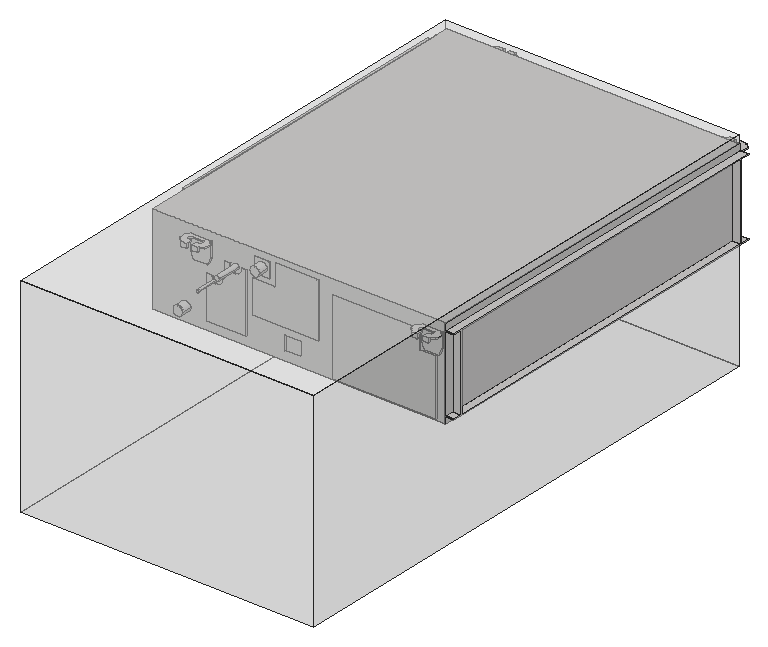
Revit family "outputfile", category 機械設備, Revit 2024
Family settings
  丸型コネクタ寸法 = 半径を使用
  パーツ タイプ = 標準
  OmniClass 番号 = 23.75.10.24.21.27.27
  OmniClass タイトル = Split System Air Conditioning Units
  作業面ベース = いいえ
  常に垂直 = はい
  ロード時にボイドで切り取り = いいえ
  注釈の向きを維持 = いいえ
  共有 = いいえ
  部屋計算ポイント = はい
Parameters (values of type "FBA60BAVMA")
  製造元 = "Daikin"
  書き出し IFC クラス(タイプ) = "IfcUnitaryEquipmentType"
  定義済み IFC タイプ(タイプ) = "AIRCONDITIONINGUNIT"
  モデル = "FBA60BAVMA"
  switch_frequency = yes
  r_Liquid Pipe Size = Liquid Pipe Size / 2  # 3.2 mm
  r_Gas Pipe Size = Gas Pipe Size / 2  # 6.35 mm
  r_Drain Pipe Size = Drain Pipe Size / 2  # 12.5 mm
  lw_power = 770.0 mm  # constant formula
  lh_SA = 138.0 mm  # constant formula
  lw_SA = if(Width = 550.0 mm, 225.0 mm, if(Width = 700.0 mm, 300.0 mm, if(Width = 1000.0 mm, 450.0 mm, if(Width = 1400.0 mm, 650.0 mm, 725.0 mm))))  # 450.0 mm
  lw_RA = if(Width = 550.0 mm, 275.0 mm, if(Width = 700.0 mm, 349.0 mm, if(Width = 1000.0 mm, 499.0 mm, if(Width = 1400.0 mm, 699.0 mm, 775.0 mm))))  # 499.0 mm
  lh_power = 60.0 mm + [h***]  # 60.0 mm
  lh_mountinghole1 = lh_mountinghole + [h***]  # 222.0 mm
  lh_RA = 123.0 mm  # constant formula
  ld_power = Width / 2  # 500.0 mm
  connector_voltage = Voltage_50Hz  # 230 V
  connector_powerinput = [Power Input (Cooling)]  # 1.670 kW
  connector_phase = Phase_50Hz  # 1
  Voltage_comment_60Hz = "220-230"
  Voltage_comment_50Hz = "220 - 240"
  Voltage_60Hz = 220 V
  Voltage_50Hz = 230 V
  Total Heating Capacity [instance] = 0.000 kW
  Supply Air Direction [instance] = yes
  Sound Power Level_H speed (dB) = 63
  Power Input (Heating) = 1.710 kW
  Phase_60Hz = 1
  Phase_50Hz = 1
  Nominal Heating Capacity = 7.100 kW
  Minimum External Static Pressure = 0.00 Pa
  Minimum Circuit Amps_60Hz = 0.0 A
  Minimum Circuit Amps_50Hz = 0.0 A
  Maximum Fuse Amps_60Hz = 0.0 A
  Maximum Fuse Amps_50Hz = 0.0 A
  Maximum External Static Pressure = 0.00 Pa
  Material_Casing = DAIKIN_GalvanizedSteel_Casing_indoorunit
  lw_mountinghole = 630.0 mm  # constant formula
  lh_gaspipe = 183.0 mm + [h***]  # 183.0 mm
  lh_mountinghole = 222.0 mm  # constant formula
  lh_liquidpipe = 136.0 mm + [h***]  # 136.0 mm
  lh_drainpipe = 207.0 mm + [h***]  # 207.0 mm
  lh_antena = Height - lh_mountinghole + 1.0 mm  # 24.0 mm
  ld_drainpipe = Width / 2 + 26.0 mm  # 526.0 mm
  ld_liquidpipe = Width / 2 + 69.0 mm  # 569.0 mm
  ld_gaspipe = Width / 2 + 65.0 mm  # 565.0 mm
  ld_mountinghole = Width + 38.0 mm  # 1038.0 mm
  h*** = 0.0 mm  # constant formula
  lw_liquidpipe = 179.0 mm  # constant formula
  lw_gaspipe = 229.0 mm  # constant formula
  lw_drainpipe = 300.0 mm  # constant formula
  Width = 1000.0 mm
  Version = "ver.1.0"
  Unit Type = "Duct"
  Unit Mass Weight = 37.00 kg
  Unit Designation [instance] = ""
  Uniclass2015Version = "Products v1.30"
  Uniclass2015Title = "Split coil room air conditioning units"
  Uniclass2015Code = "Pr_70_65_03_86"
  Total Cooling Capacity [instance] = 0.000 kW
  Sound Pressure Level_M speed (dBA) = 33
  Sound Pressure Level_L speed (dBA) = 31
  Sound Pressure Level_H speed (dBA) = 35
  Series = "SkyAir_Fan Coil Unit"
  Sensible Cooling Capacity [instance] = 0.000 kW
  SA Duct Size Width = 792.0 mm
  SA Duct Size Height = 176.0 mm
  Refrigerant Type = "R32"
  RA Duct Size Width = 952.0 mm
  RA Duct Size Height = 208.0 mm
  Power Input (Cooling) = 1.670 kW
  Option Accessory 3 [instance] = ""
  Option Accessory 2 [instance] = ""
  Option Accessory 1 [instance] = ""
  Nominal Cooling Capacity = 6.000 kW
  Minimum Airflow = 750.00 m³/h
  Median Airflow = 900.00 m³/h
  Maximum Airflow = 1380.00 m³/h
  Load Classification = HVAC
  Liquid Pipe Size = 6.4 mm
  Link_Nested Family [instance] = ""
  IfcVersion = ""
  IfcExportType = "AIRCONDITIONINGUNIT"
  IfcExportAs = "IfcUnitaryEquipmentType"
  Height = 245.0 mm
  Heating Entering Wet Bulb Temperature [instance] = -273.15 °C
  Heating Entering Dry Bulb Temperature [instance] = -273.15 °C
  Heating Ambient Wet Bulb Temperature [instance] = -273.15 °C
  Heating Ambient Dry Bulb Temperature [instance] = -273.15 °C
  Heat Exchanger Type = "Cross Fin Coil"
  Gas Pipe Size = 12.7 mm
  Frequency_60Hz = 60 Hz
  Frequency_50Hz = 50 Hz
  Fan Type = "Sirocco Fan"
  Fan Drive = "-"
  FCU Tag No. [instance] = ""
  Drain Pipe Size = 25.0 mm
  Design Supply Airflow [instance] = 0.00 m³/h
  Design Return Airflow [instance] = 0.00 m³/h
  Design External Static Pressure [instance] = 0.00 Pa
  Depth = 800.0 mm
  既定の高さ = 0.0 mm
  Cooling Entering Wet Bulb Temperature [instance] = 0.00 °C
  Cooling Entering Dry Bulb Temperature [instance] = 0.00 °C
  Cooling Ambient Wet Bulb Temperature [instance] = 0.00 °C
  Cooling Ambient Dry Bulb Temperature [instance] = 0.00 °C
  Clearance visibility [instance] = yes
  Clearance Top = 20.0 mm
  Clearance Right = 0.0 mm
  Clearance Rear = 0.0 mm
  Clearance Left = 0.0 mm
  Clearance Front = 450.0 mm
  Clearance Bottom = 300.0 mm
Reference planes
  plane 1 "Center (Front/Back)": y = 0
  plane 2 "h": z = 0
  plane 3 "Center (Left/Right)": x = 0
  plane 4 "Back": y = 500
  plane 5 "Front": y = -500
  plane 6 "Left": x = -400
  plane 7 "Right": x = 400
  plane 8 "Top": z = 0
  plane 9 "Bottom": z = -245
  plane 10: y = -215
  plane 11: y = 500
  plane 12: y = -950
  plane 13: x = -400
  plane 14: x = 400
  plane 15: z = 20
  plane 16: z = -545
  plane 17: x = -400
  plane 18: x = -399
  plane 19: x = 399
  plane 20: y = 50
  plane 21: y = -1
  plane 22: z = -122
  plane 23: y = -501
  plane 24: z = -109
  plane 25: x = -221
  plane 26: y = -565
  plane 27: z = -62
  plane 28: x = -171
  plane 29: y = -526
  plane 30: z = -38
  plane 31: x = -100
  plane 32: x = -100
  plane 33: x = -221
  plane 34: x = -171
  plane 35: x = 370
  plane 36: x = -266
  plane 37: x = 364
  plane 38: y = -519
  plane 39: y = 519
  plane 40: z = -23
  plane 41: z = -107
  plane 42: y = -569
  plane 43: z = -207
  plane 44: x = -309
  plane 45: y = -376
  plane 46: x = -251
  plane 47: x = -203
  plane 48: x = -144
  plane 49: z = -59
  plane 50: z = -106
  plane 51: z = -221
  plane 52: z = -109
  plane 53: x = -221
  plane 54: z = -62
  plane 55: x = -171
  plane 56: z = -17
  plane 57: z = -59
  plane 58: x = -121
  plane 59: x = -79
  plane 60: x = -125
  plane 61: x = -64
  plane 62: x = 53
  plane 63: z = -164
  plane 64: z = -73
  plane 65: z = -16
  plane 66: x = 93.5
  plane 67: x = 374.5
  plane 68: x = 330
  plane 69: z = -88.5
  plane 70: z = -38
  plane 71: z = -242.5
  plane 72: x = -38.5
  plane 73: x = 6.5
  plane 74: z = -181
  plane 75: z = -221
  plane 76: y = -499
  plane 77: x = -424
  plane 78: x = 424
Forms (mm)
  Extrusion 1, solid, material "DAIKIN_GalvanizedSteel_Casing_indoorunit" <- "Material_Casing"
    sketch origin (0, 0, 0) x (1, 0, 0) y (0, 1, 0)
      loop
        line (-399, 500) -> (-399, -500) -> (399, -500) -> (399, 500) -> (-399, 500)
    from -245 to 0
  Extrusion 2, solid, material "DAIKIN_GalvanizedSteel_Casing_indoorunit" <- "Material_Casing"
    sketch origin (0, 0, 0) x (1, 0, 0) y (0, 0, 1)
      loop
        line (-251, -221) -> (-144, -221) -> (-144, -59) -> (-154.47, -59)
        arc (-154.47, -59) -> (-171, -78.8) -> (-187.53, -59) r 16.8
        line (-187.53, -59) -> (-203, -59) -> (-203, -106) -> (-206.916, -106)
        arc (-206.916, -106) -> (-221, -123.4) -> (-235.084, -106) r 14.4
        line (-235.084, -106) -> (-251, -106) -> (-251, -221)
    from 500 to 501
  Extrusion 3, solid, material "DAIKIN_GalvanizedSteel_Casing_indoorunit" <- "Material_Casing"
    sketch origin (0, 0, 0) x (1, 0, 0) y (0, 0, 1)
      loop
        line (-121, -17) -> (-121, -59) -> (-79, -59) -> (-79, -17) -> (-121, -17)
      loop
        line (-125, -73) -> (-125, -164) -> (53, -164) -> (53, -16) -> (-64, -16) -> (-64, -73) -> (-125, -73)
    from 500 to 501
  Extrusion 4, solid, material "DAIKIN_GalvanizedSteel_Casing_indoorunit" <- "Material_Casing"
    sketch origin (0, 0, 0) x (1, 0, 0) y (0, 0, 1)
      loop
        line (93.5, -38) -> (93.5, -242.5) -> (374.5, -242.5) -> (374.5, -88.5) -> (330, -88.5) -> (330, -38) -> (93.5, -38)
    from 500 to 501
  Extrusion 5, solid, material "DAIKIN_GalvanizedSteel_Casing_indoorunit" <- "Material_Casing"
    sketch origin (0, 0, 0) x (1, 0, 0) y (0, 0, 1)
      loop
        circle (-221, -109) r 3.2
    from 500 to 569
  Extrusion 6, solid, material "DAIKIN_GalvanizedSteel_Casing_indoorunit" <- "Material_Casing"
    sketch origin (0, 0, 0) x (1, 0, 0) y (0, 0, 1)
      loop
        circle (-171, -62) r 6.35
    from 500 to 565
  Extrusion 7, solid, material "DAIKIN_GalvanizedSteel_Casing_indoorunit" <- "Material_Casing"
    sketch origin (0, 0, 0) x (1, 0, 0) y (0, 0, 1)
      loop
        circle (-100, -38) r 12.5
    from 501 to 526
  Extrusion 8, solid, material "DAIKIN_GalvanizedSteel_Casing_indoorunit" <- "Material_Casing"
    sketch origin (0, 0, 0) x (1, 0, 0) y (0, 0, 1)
      loop
        circle (-309, -207) r 13
    from 500 to 526
  Extrusion 9, void
    sketch origin (0, 0, 0) x (1, 0, 0) y (0, 0, 1)
      loop
        line (-38.5, -181) -> (-38.5, -221) -> (6.5, -221) -> (6.5, -181) -> (-38.5, -181)
    from 499 to 500
Cuts and joins
  Extrusion 9 cuts Extrusion 1
Dimensions and locks
  "Height": plane 8 "Top" to plane 9 "Bottom"
  equal spacing: plane 4 "Back", plane 1 "Center (Front/Back)", plane 5 "Front"
  "Width": plane 4 "Back" to plane 5 "Front"
  equal spacing: plane 6 "Left", plane 3 "Center (Left/Right)", plane 7 "Right"
  "Depth": plane 6 "Left" to plane 7 "Right"
  "Clearance Left": plane 13 to plane 6 "Left"
  "Clearance Right": plane 7 "Right" to plane 14
  "Clearance Rear": plane 11 to plane 4 "Back"
  "Clearance Front": plane 5 "Front" to plane 12
  "Clearance Top": plane 15 to plane 8 "Top"
  "Clearance Bottom": plane 9 "Bottom" to plane 16
  locked: plane 17 to plane 18 at 1
  locked: plane 19 to plane 14 at 1
  "lw_RA": plane 21 to plane 5 "Front"
  "lh_RA": plane 22 to plane 9 "Bottom"
  locked: plane 5 "Front" to plane 23 at 1
  "lw_liquidpipe": plane 25 to plane 6 "Left"
  "lh_liquidpipe": plane 24 to plane 9 "Bottom"
  "lh_gaspipe": plane 27 to plane 9 "Bottom"
  "lw_gaspipe": plane 28 to plane 6 "Left"
  "ld_gaspipe": plane 26 to plane 1 "Center (Front/Back)"
  "ld_drainpipe": plane 29 to plane 1 "Center (Front/Back)"
  "lh_drainpipe": plane 30 to plane 9 "Bottom"
  "lw_drainpipe": plane 31 to plane 6 "Left"
  "lw_drainpipe": plane 6 "Left" to plane 32
  "lw_liquidpipe": plane 6 "Left" to plane 33
  "lw_gaspipe": plane 6 "Left" to plane 34
  "lw_power": plane 6 "Left" to plane 35
  locked: plane 17 to plane 36 at 134
  "lw_mountinghole": plane 36 to plane 37
  equal spacing: plane 38, plane 1 "Center (Front/Back)", plane 39
  "ld_mountinghole": plane 39 to plane 38
  "lh_mountinghole": plane 40 to plane 9 "Bottom"
  "lh_SA": plane 41 to plane 9 "Bottom"
  locked: plane 44 to plane 6 "Left" at 91
  locked: plane 43 to plane 9 "Bottom" at 38
  plane 48 to plane 47 to plane 46 to plane 6 "Left" = 59.0 mm, 48.0 mm, 149.0 mm
  plane 8 "Top" to plane 49 to plane 50 to plane 51 = 59.0 mm locked, 47.0 mm locked, 115.0 mm locked
  plane 55 to plane 53 to plane 6 "Left" = 50.0 mm locked, 179.0 mm locked
  plane 54 to plane 52 to plane 9 "Bottom" = 47.0 mm locked, 136.0 mm locked
  plane 59 to plane 58 to plane 6 "Left" = 42.0 mm locked, 279.0 mm locked
  plane 8 "Top" to plane 56 to plane 57 = 17.0 mm locked, 42.0 mm locked
  plane 62 to plane 61 to plane 60 to plane 6 "Left" = 117.0 mm, 61.0 mm, 275.0 mm
  plane 8 "Top" to plane 65 to plane 64 = 16.0 mm locked, 57.0 mm locked
  locked: plane 65 to plane 63 at 148
  plane 8 "Top" to plane 70 to plane 69 to plane 71 = 38.0 mm locked, 50.5 mm locked, 154.0 mm locked
  plane 67 to plane 68 to plane 66 to plane 6 "Left" = 44.5 mm locked, 236.5 mm locked, 493.5 mm locked
  plane 8 "Top" to plane 74 to plane 75 = 181.0 mm locked, 40.0 mm locked
  plane 73 to plane 72 to plane 6 "Left" = 45.0 mm, 361.5 mm
  locked: plane 76 to plane 5 "Front" at 1
  locked: plane 77 to plane 17 at 24
  locked: plane 14 to plane 78 at 24
  "ld_liquidpipe": plane 42 to plane 1 "Center (Front/Back)"
  "lw_SA": plane 4 "Back" to plane 20
  "r_Liquid Pipe Size": radius of Extrusion 5 sketch curve
  "r_Gas Pipe Size": radius of Extrusion 6 sketch curve
  "r_Drain Pipe Size": radius of Extrusion 7 sketch curve
  aligned and locked: level to plane 2 "h"
  aligned and locked: plane 8 "Top" to Extrusion 1
  aligned and locked: Extrusion 1 to plane 9 "Bottom"
  aligned and locked: nested 5 to plane 12
  aligned and locked: plane 13 to nested 5
  aligned and locked: plane 14 to nested 5
  aligned and locked: nested 5 to plane 13
  aligned and locked: plane 11 to nested 5
  aligned and locked: plane 15 to nested 5
  aligned and locked: plane 16 to nested 5
  aligned and locked: plane 5 "Front" to Extrusion 1 sketch curve
  aligned and locked: Extrusion 1 to plane 18
  aligned and locked: plane 19 to Extrusion 1
  aligned and locked: nested 7 to plane 18
  aligned and locked: nested 7 to plane 20
  aligned and locked: plane 19 to nested 8
  aligned and locked: plane 21 to nested 8
  aligned and locked: plane 22 to nested 8
  aligned and locked: Extrusion 2 to plane 23
  aligned and locked: plane 5 "Front" to Extrusion 2
  aligned and locked: Extrusion 3 to plane 23
  aligned and locked: plane 5 "Front" to Extrusion 3
  aligned and locked: plane 5 "Front" to Extrusion 4
  aligned and locked: Extrusion 5 sketch curve to plane 25
  aligned and locked: plane 24 to Extrusion 5 sketch curve
  aligned and locked: plane 5 "Front" to Extrusion 5
  aligned and locked: Extrusion 6 sketch curve to plane 28
  aligned and locked: plane 27 to Extrusion 6 sketch curve
  aligned and locked: plane 5 "Front" to Extrusion 6
  aligned and locked: Extrusion 7 sketch curve to plane 31
  aligned and locked: Extrusion 7 sketch curve to plane 30
  aligned and locked: Extrusion 7 to plane 29
  aligned and locked: plane 23 to Extrusion 7
  aligned and locked: nested 3 to plane 29
  aligned and locked: plane 32 to nested 3
  aligned and locked: nested 2 to plane 33
  aligned and locked: nested 1 to plane 34
  aligned and locked: Extrusion 6 to plane 26
  aligned and locked: nested 1 to plane 26
  aligned and locked: nested 6 to plane 5 "Front"
  aligned and locked: nested 6 to plane 35
  aligned and locked: plane 36 to nested 10
  aligned and locked: nested 10 to plane 5 "Front"
  aligned and locked: plane 37 to nested 9
  aligned and locked: nested 9 to plane 5 "Front"
  aligned and locked: nested 11 to plane 36
  aligned and locked: plane 4 "Back" to nested 11
  aligned and locked: nested 12 to plane 37
  aligned and locked: plane 4 "Back" to nested 12
  aligned and locked: plane 40 to nested 10
  aligned and locked: plane 40 to nested 11
  aligned and locked: plane 40 to nested 9
  aligned and locked: plane 40 to nested 12
  aligned and locked: plane 36 to nested 14
  aligned and locked: nested 14 to plane 39
  aligned and locked: plane 37 to nested 13
  aligned and locked: nested 13 to plane 39
  aligned and locked: plane 37 to nested 16
  aligned and locked: plane 38 to nested 16
  aligned and locked: plane 38 to nested 15
  aligned and locked: plane 36 to nested 15
  aligned and locked: plane 17 to plane 6 "Left"
  aligned and locked: plane 41 to nested 7
  aligned and locked: Extrusion 5 to plane 42
  aligned and locked: nested 2 to plane 42
  aligned and locked: Extrusion 8 sketch curve to plane 44
  aligned and locked: plane 43 to Extrusion 8 sketch curve
  aligned and locked: plane 5 "Front" to Extrusion 8
  aligned and locked: Extrusion 3 sketch curve to plane 56
  aligned and locked: Extrusion 3 sketch curve to plane 58
  aligned and locked: plane 57 to Extrusion 3 sketch curve
  aligned and locked: plane 59 to Extrusion 3 sketch curve
  aligned and locked: Extrusion 4 to plane 23
  aligned and locked: Extrusion 9 sketch curve to plane 74
  aligned and locked: plane 75 to Extrusion 9 sketch curve
  aligned and locked: plane 73 to Extrusion 9 sketch curve
  aligned and locked: plane 5 "Front" to Extrusion 9
  aligned and locked: plane 76 to Extrusion 9
  aligned and locked: nested 17 to plane 20
  aligned and locked: nested 17 to plane 77
  aligned and locked: plane 21 to nested 18
  aligned and locked: plane 78 to nested 18
  aligned and locked: plane 41 to nested 17
  aligned and locked: nested 18 to plane 22
  aligned and locked: nested 4 to plane 3 "Center (Left/Right)"
  aligned and locked: plane 1 "Center (Front/Back)" to nested 4
  aligned and locked: level to plane 8 "Top"
Automatic sketch dimensions
  plane 6 "Left" to Extrusion 1 sketch curve = 1.0 mm
  Extrusion 1 sketch curve to plane 7 "Right" = 1.0 mm
  Extrusion 1 sketch curve to plane 4 "Back" = 0.0 mm
  Extrusion 2 sketch curve to plane 46 = 0.0 mm
  Extrusion 2 sketch curve to plane 33 = 0.0 mm
  Extrusion 2 sketch curve to plane 47 = 0.0 mm
  Extrusion 2 sketch curve to plane 34 = 0.0 mm
  Extrusion 2 sketch curve to plane 48 = 0.0 mm
  Extrusion 2 sketch curve to plane 51 = 0.0 mm
  Extrusion 2 sketch curve to plane 52 = 0.0 mm
  Extrusion 2 sketch curve to plane 50 = 0.0 mm  (x3)
  Extrusion 2 sketch curve to plane 54 = 0.0 mm
  Extrusion 2 sketch curve to plane 49 = 0.0 mm  (x3)
  plane 33 to Extrusion 2 sketch curve = 14.084 mm
  plane 34 to Extrusion 2 sketch curve = 16.53 mm
  Extrusion 3 sketch curve to plane 60 = 0.0 mm
  Extrusion 3 sketch curve to plane 61 = 0.0 mm
  Extrusion 3 sketch curve to plane 62 = 0.0 mm
  Extrusion 3 sketch curve to plane 63 = 0.0 mm
  Extrusion 3 sketch curve to plane 64 = 0.0 mm
  Extrusion 3 sketch curve to plane 65 = 0.0 mm
  Extrusion 4 sketch curve to plane 66 = 0.0 mm
  Extrusion 4 sketch curve to plane 68 = 0.0 mm
  Extrusion 4 sketch curve to plane 67 = 0.0 mm
  Extrusion 4 sketch curve to plane 71 = 0.0 mm
  Extrusion 4 sketch curve to plane 69 = 0.0 mm
  Extrusion 4 sketch curve to plane 70 = 0.0 mm
  Extrusion 9 sketch curve to plane 72 = 0.0 mm
  radius of Extrusion 8 sketch curve = 13.0 mm
Nested families
  nested 1: "daikin_connector_rotate2" at (-171, 0, -62), length <- "ld_gaspipe", built-in parameter 1001364 <- "lh_gaspipe", radius <- "r_Gas Pipe Size", type "daikin_connector_rotate2"
    with radius 6.35 mm, length 565.0 mm, angle_vertical 90.00°
  nested 2: "daikin_connector_rotate2" at (-221, 0, -109), length <- "ld_liquidpipe", built-in parameter 1001364 <- "lh_liquidpipe", radius <- "r_Liquid Pipe Size", type "daikin_connector_rotate2"
    with radius 3.2 mm, length 569.0 mm, angle_vertical 90.00°
  nested 3: "daikin_connector_rotate2" at (-100, 0, -38), length <- "ld_drainpipe", built-in parameter 1001364 <- "lh_drainpipe", radius <- "r_Drain Pipe Size", type "daikin_connector_rotate2"
    with radius 12.5 mm, length 526.0 mm, angle_vertical 90.00°
  nested 4: "daikin_△_symbolicline" at (0, 0, 245) x (0, -1, 0) z (0, 0, 1), built-in parameter 1001364 <- "Height", visible <- "Supply Air Direction", type "daikin_△_symbolicline"
    with length 200.0 mm
  nested 5: "daikin_clearancespace" at (0, -225, -262.381), visible <- "Clearance visibility", show <- "Clearance visibility", Link_Nested Family <- "Link_Nested Family", type "daikin_clearancespace"
    with width 800.0 mm, show yes, height 565.0 mm, depth 1450.0 mm, Link_Nested Family ""
  nested 6: "daikin_connector_rotate2" at (370, 0, -185), built-in parameter 1001364 <- "lh_power", length <- "ld_power", type "daikin_connector_rotate2"
    with radius 10.0 mm, length 500.0 mm, angle_vertical 90.00°
  nested 7: "daikin_ductflange_FBA-BAVMA2" at (-399, 50, -107) x (0, -1, 0) z (0, 0, 1), type "daikin_ductflange_FBA-BAVMA2"
    with width 792.0 mm, w 1000.0 mm
  nested 8: "daikin_ductflange_FBA-BAVMA" at (399, -1, -122) x (0, 1, 0) z (0, 0, 1), type "daikin_ductflange_FBA-BAVMA"
    with width 952.0 mm, lw 25.0 mm, w 1000.0 mm
  nested 9: "daikin_hangerfixture_FBA-BAVMA" at (364, -500, -23), type "daikin_hangerfixture_FBA-BAVMA"
  nested 10: "daikin_hangerfixture_FBA-BAVMA" at (-266, -500, -23), type "daikin_hangerfixture_FBA-BAVMA"
  nested 11: "daikin_hangerfixture_FBA-BAVMA" at (-266, 500, -23) x (-1, 0, 0) z (0, 0, 1), type "daikin_hangerfixture_FBA-BAVMA"
  nested 12: "daikin_hangerfixture_FBA-BAVMA" at (364, 500, -23) x (-1, 0, 0) z (0, 0, 1), type "daikin_hangerfixture_FBA-BAVMA"
  nested 13: "daikin_mountinghole" at (364, 519, -245), h_mountinghole <- "lh_mountinghole1", l_antenna <- "lh_antena", Link_Nested Family <- "Link_Nested Family", type "daikin_mountinghole"
    with show yes, l_antenna 24.0 mm, h_mountinghole 222.0 mm, Link_Nested Family ""
  nested 14: "daikin_mountinghole" at (-266, 519, -245), h_mountinghole <- "lh_mountinghole1", l_antenna <- "lh_antena", Link_Nested Family <- "Link_Nested Family", type "daikin_mountinghole"
    with show yes, l_antenna 24.0 mm, h_mountinghole 222.0 mm, Link_Nested Family ""
  nested 15: "daikin_mountinghole" at (-266, -519, -245), h_mountinghole <- "lh_mountinghole1", l_antenna <- "lh_antena", Link_Nested Family <- "Link_Nested Family", type "daikin_mountinghole"
    with show yes, l_antenna 24.0 mm, h_mountinghole 222.0 mm, Link_Nested Family ""
  nested 16: "daikin_mountinghole" at (364, -519, -245), h_mountinghole <- "lh_mountinghole1", l_antenna <- "lh_antena", Link_Nested Family <- "Link_Nested Family", type "daikin_mountinghole"
    with show yes, l_antenna 24.0 mm, h_mountinghole 222.0 mm, Link_Nested Family ""
  nested 17: "daikin_connector_rotate2" at (-400, 50, -107) x (0, -1, 0) z (0, 0, 1), type "daikin_connector_rotate2"
    with radius 10.0 mm, length 24.0 mm, angle_vertical 90.00°
  nested 18: "daikin_connector_rotate2" at (400, -1, -122) x (0, 1, 0) z (0, 0, 1), type "daikin_connector_rotate2"
    with radius 10.0 mm, length 24.0 mm, angle_vertical 90.00°
Connectors
  piping at (-100, -526, -38), diameter 25, driven by "r_Drain Pipe Size"
    settings: on nested 3, index 3, connector inside diameter 609.6 mm, connector length 0.0 mm, flow factor 0, pipe flow 0.00 m³/h, pressure drop 0.0 Pa, fitting loss kfactor 0, connector angle 0.00°, fixture units 0, engagement length 0.0 mm, angle of deflection 0.00°, flow configuration 1, flow direction 2, fitting loss method 4, system type 16, joint type 0, gender type 0, connector reference index -1, connector utility 0, adjustable connector no, is connector primary yes, connector description "Condensate Drain Piping"
  piping at (-171, -565, -62), diameter 12.7, driven by "r_Gas Pipe Size"
    settings: on nested 1, index 4, connector inside diameter 609.6 mm, connector length 0.0 mm, flow factor 0, pipe flow 0.00 m³/h, pressure drop 0.0 Pa, fitting loss kfactor 0, connector angle 0.00°, fixture units 0, engagement length 0.0 mm, angle of deflection 0.00°, flow configuration 1, flow direction 2, fitting loss method 0, system type 29, joint type 0, gender type 0, connector reference index -1, connector utility 0, adjustable connector no, is connector primary no, connector description "Refrigerant Gas Piping"
  piping at (-221, -569, -109), diameter 6.4, driven by "r_Liquid Pipe Size"
    settings: on nested 2, index 5, connector inside diameter 609.6 mm, connector length 0.0 mm, flow factor 0, pipe flow 0.00 m³/h, pressure drop 0.0 Pa, fitting loss kfactor 0, connector angle 0.00°, fixture units 0, engagement length 0.0 mm, angle of deflection 0.00°, flow configuration 1, flow direction 1, fitting loss method 0, system type 29, joint type 0, gender type 0, connector reference index -1, connector utility 0, adjustable connector no, is connector primary no, connector description "Refrigerant Liquid Piping"
  electrical at (370, -500, -185), driven by "Load Classification", driven by "connector_voltage", driven by "connector_phase", driven by "connector_powerinput"
    settings: on nested 6, index 6, voltage 230 V, apparent load 1670 VA, apparent load phase1 0 VA, apparent load phase2 0 VA, apparent load phase3 0 VA, power factor 1, load classification "HVAC", number of poles 1, system type 30, power factor state 1, is connector primary yes, connector utility no, sub classification motor no, connector description "Power Supply"
  hvac at (-424, 50, -107), driven by "SA Duct Size Height", driven by "SA Duct Size Width"
    settings: on nested 17, index 7, duct flow 0.00 m³/h, flow factor 0, pres drop 0.00 Pa, loss coef 0, conn angle 0.00°, conn width 792.0 mm, conn height 176.0 mm, conn diameter 609.6 mm, duct sys type 1, conn prof type 1, flow config 0, flow direction 2, loss method 4, conn ref index -1, conn util no, is conn primary yes, conn desc "SA Duct"
  hvac at (424, -1, -122), driven by "RA Duct Size Height", driven by "RA Duct Size Width"
    settings: on nested 18, index 8, duct flow 0.00 m³/h, flow factor 0, pres drop 0.00 Pa, loss coef 0, conn angle 0.00°, conn width 952.0 mm, conn height 208.0 mm, conn diameter 609.6 mm, duct sys type 2, conn prof type 1, flow config 0, flow direction 1, loss method 4, conn ref index -1, conn util no, is conn primary no, conn desc "RA Duct"
Definition of nested family "daikin_clearancespace"
  Parameters (values of type "daikin_clearancespace")
    Description = "daikin_clearancespace"
    width [instance] = 1823.963 mm
    show [instance] = yes
    material = none
    height [instance] = 1359.762 mm
    depth [instance] = 880.0 mm
    Default Elevation = 0.0 mm
    Link_Nested Family [instance] = ""
  Reference planes
    plane 1 "Center (Front/Back)": y = 0
    plane 2 "Center (Elevation)": z = -0.119
    plane 3 "Center (Left/Right)": x = 0
    plane 4: y = 440
    plane 5: y = -440
    plane 6 "Right": x = 911.982
    plane 7 "Left": x = -911.982
    plane 8 "Top": z = 679.762
    plane 9 "Bottom": z = -680
  Forms (mm)
    Extrusion 1, solid, material <- "material", visible <- "show"
      sketch origin (0, 0, 0) x (1, 0, 0) y (0, 1, 0)
        loop
          line (-911.982, 440) -> (-911.982, -440) -> (911.982, -440) -> (911.982, 440) -> (-911.982, 440)
      from -680 to 679.762
  Lines and regions (mm)
    symbolic lines, visible <- "show"
      curve 1: line (911.982, 440, 0) -> (-911.982, 440, 0)
      curve 2: line (-911.982, 440, 0) -> (-911.982, -440, 0)
      curve 3: line (-911.982, -440, 0) -> (911.982, -440, 0)
      curve 4: line (911.982, -440, 0) -> (911.982, 440, 0)
      curve 5: line (911.982, 0, 679.762) -> (-911.982, 0, 679.762)
      curve 6: line (911.982, 0, -680) -> (911.982, 0, 679.762)
      curve 7: line (-911.982, 0, -680) -> (911.982, 0, -680)
      curve 8: line (-911.982, 0, 679.762) -> (-911.982, 0, -680)
      curve 9: line (0, 440, 679.762) -> (0, -440, 679.762)
      curve 10: line (0, -440, 679.762) -> (0, -440, -680)
      curve 11: line (0, 440, -680) -> (0, 440, 679.762)
      curve 12: line (0, -440, -680) -> (0, 440, -680)
  Dimensions and locks
    "width": plane 7 "Left" to plane 6 "Right"
    "depth": plane 4 to plane 5
    "height": plane 8 "Top" to plane 9 "Bottom"
    equal spacing: plane 7 "Left", plane 3 "Center (Left/Right)", plane 6 "Right"
    equal spacing: plane 4, plane 1 "Center (Front/Back)", plane 5
    equal spacing: plane 8 "Top", plane 2 "Center (Elevation)", plane 9 "Bottom"
    aligned and locked: level to plane 2 "Center (Elevation)"
    aligned and locked: Extrusion 1 sketch curve to plane 4
    aligned and locked: plane 7 "Left" to Extrusion 1 sketch curve
    aligned and locked: Extrusion 1 sketch curve to plane 5
    aligned and locked: Extrusion 1 sketch curve to plane 6 "Right"
    aligned and locked: plane 8 "Top" to Extrusion 1
    aligned and locked: curve 1 to Extrusion 1
    aligned and locked: curve 2 to Extrusion 1
    aligned and locked: curve 3 to Extrusion 1
    aligned and locked: curve 4 to Extrusion 1
    aligned and locked: curve 5 to Extrusion 1
    aligned and locked: curve 6 to Extrusion 1
    aligned and locked: curve 7 to Extrusion 1
    aligned and locked: curve 8 to Extrusion 1
    aligned and locked: curve 9 to Extrusion 1
    aligned and locked: curve 10 to Extrusion 1
    aligned and locked: curve 11 to Extrusion 1
    aligned and locked: curve 12 to Extrusion 1
    aligned and locked: Extrusion 1 to plane 9 "Bottom"
Definition of nested family "daikin_ductflange_FBA-BAVMA2"
  Parameters (values of type "daikin_ductflange_FBFC-DVMG2")
    width = if(w = 550.0 mm, 337.0 mm, if(w = 700.0 mm, 492.0 mm, if(w = 1000.0 mm, 792.0 mm, if(w = 1400.0 mm, 1192.0 mm, 1337.0 mm))))  # 1192.0 mm
    material = none
    height = 215.0 mm
    depth = 1.0 mm
    w = 1400.0 mm
    Default Elevation = 0.0 mm
  Reference planes
    plane 1 "Center (Front/Back)": y = 0
    plane 2: z = 0
    plane 3 "Center (Left/Right)": x = 0
    plane 4: z = 88
    plane 5: z = -88
    plane 6: y = -25
    plane 7: z = 106
    plane 8: z = 89
    plane 9: y = -1
    plane 10: x = -617.5
    plane 11: x = 617.5
    plane 12: z = -106
    plane 13: z = -89
    plane 14: y = -1
    plane 15: x = 596
    plane 16: x = -596
    plane 17: x = 597
    plane 18: z = 87
    plane 19: z = -87
    plane 20: x = -597
    plane 21: z = 87
    plane 22: z = -87
    plane 23: y = -1
  Forms (mm)
    Extrusion 1, solid, material <- "material"
      sketch origin (0, 0, 0) x (0, 1, 0) y (0, 0, 1)
        loop
          line (-25, 88) -> (0, 88) -> (0, 106) -> (-1, 106) -> (-1, 89) -> (-25, 89) -> (-25, 88)
      from -617.5 to 617.5
    Extrusion 2, solid, material <- "material"
      sketch origin (0, 0, 0) x (0, 1, 0) y (0, 0, 1)
        loop
          line (-25, -88) -> (-25, -89) -> (-1, -89) -> (-1, -106) -> (0, -106) -> (0, -88) -> (-25, -88)
      from -617.5 to 617.5
    Extrusion 3, solid, material <- "material"
      sketch origin (0, 0, 0) x (1, 0, 0) y (0, 0, 1)
        loop
          line (596, 88) -> (596, -88) -> (617.5, -88) -> (617.5, -87) -> (597, -87) -> (597, 87) -> (617.5, 87) -> (617.5, 88) -> (596, 88)
      from 0 to 25
    Extrusion 4, solid, material <- "material"
      sketch origin (0, 0, 0) x (1, 0, 0) y (0, 0, 1)
        loop
          line (-617.5, 88) -> (-617.5, 87) -> (-597, 87) -> (-597, -87) -> (-617.5, -87) -> (-617.5, -88) -> (-596, -88) -> (-596, 88) -> (-617.5, 88)
      from 0 to 25
    Extrusion 5, solid, material <- "material"
      sketch origin (0, 0, 0) x (1, 0, 0) y (0, 0, 1)
        loop
          line (-617.5, 88) -> (-617.5, -88) -> (-596, -88) -> (-596, 88) -> (-617.5, 88)
        loop
          line (617.5, 88) -> (596, 88) -> (596, -88) -> (617.5, -88) -> (617.5, 88)
      from 0 to 1
  Cuts and joins
    joined: Extrusion 1, Extrusion 2, Extrusion 3, Extrusion 4, Extrusion 5
  Dimensions and locks
    plane 4 to level to plane 5 = 88.0 mm, 88.0 mm
    locked: plane 6 to plane 1 "Center (Front/Back)" at 25
    locked: plane 9 to plane 1 "Center (Front/Back)" at 1
    locked: plane 8 to plane 4 at 1
    locked: plane 16 to plane 10 at 21.5
    locked: plane 17 to plane 15 at 1
    locked: plane 4 to plane 18 at 1
    locked: plane 19 to plane 5 at 1
    "width": plane 15 to plane 16
    plane 4 to plane 5 = 176.0 mm
    locked: plane 16 to plane 20 at 1
    locked: plane 4 to plane 21 at 1
    locked: plane 22 to plane 5 at 1
    locked: plane 23 to plane 1 "Center (Front/Back)" at 1
    plane 4 to level to plane 5 = 88.0 mm locked, 88.0 mm locked
    locked: plane 5 to plane 13 at 1
    locked: plane 5 to plane 12 at 18
    locked: plane 7 to plane 4 at 18
    equal spacing: plane 15, plane 3 "Center (Left/Right)", plane 16
    locked: plane 11 to plane 15 at 21.5
    plane 11 to plane 10 = 1235.0 mm
    aligned and locked: level to plane 2
    aligned and locked: Extrusion 1 to plane 10
    aligned and locked: plane 11 to Extrusion 1
    aligned and locked: plane 5 to Extrusion 2
    aligned and locked: Extrusion 2 to plane 1 "Center (Front/Back)"
    aligned and locked: plane 15 to Extrusion 3 sketch curve
    aligned and locked: Extrusion 3 sketch curve to Extrusion 2  (x2)
    aligned and locked: Extrusion 3 sketch curve to plane 11
    aligned and locked: plane 6 to Extrusion 3
    aligned and locked: Extrusion 2 to plane 10
    aligned and locked: plane 11 to Extrusion 2
    aligned and locked: Extrusion 4 sketch curve to Extrusion 1  (x2)
    aligned and locked: plane 5 to Extrusion 4 sketch curve
    aligned and locked: Extrusion 4 sketch curve to plane 16
    aligned and locked: Extrusion 4 sketch curve to plane 22
    aligned and locked: plane 20 to Extrusion 4 sketch curve
    aligned and locked: plane 21 to Extrusion 4 sketch curve
    aligned and locked: Extrusion 4 to plane 1 "Center (Front/Back)"
    aligned and locked: plane 6 to Extrusion 4
    aligned and locked: Extrusion 5 sketch curve to Extrusion 1  (x4)
    aligned and locked: Extrusion 5 sketch curve to Extrusion 4  (x2)
    aligned and locked: Extrusion 5 sketch curve to Extrusion 3  (x2)
    aligned and locked: Extrusion 5 to plane 1 "Center (Front/Back)"
    aligned and locked: plane 23 to Extrusion 5
  Automatic sketch dimensions
    Extrusion 1 sketch curve to plane 6 = 0.0 mm
    Extrusion 1 sketch curve to plane 7 = 0.0 mm
    Extrusion 1 sketch curve to plane 9 = 0.0 mm
    Extrusion 1 sketch curve to plane 1 "Center (Front/Back)" = 0.0 mm
    Extrusion 1 sketch curve to plane 4 = 0.0 mm
    Extrusion 1 sketch curve to plane 8 = 0.0 mm
    Extrusion 2 sketch curve to plane 6 = 0.0 mm
    plane 12 to Extrusion 2 sketch curve = 0.0 mm
    Extrusion 2 sketch curve to plane 14 = 0.0 mm
    Extrusion 2 sketch curve to plane 1 "Center (Front/Back)" = 0.0 mm
    plane 13 to Extrusion 2 sketch curve = 0.0 mm
    Extrusion 2 sketch curve to plane 5 = 0.0 mm
    Extrusion 3 sketch curve to plane 17 = 0.0 mm
    Extrusion 3 sketch curve to plane 19 = 0.0 mm
    Extrusion 3 sketch curve to plane 18 = 0.0 mm
    Extrusion 3 sketch curve to plane 4 = 0.0 mm
    Extrusion 4 sketch curve to plane 10 = 0.0 mm
Definition of nested family "daikin_ductflange_FBA-BAVMA"
  Parameters (values of type "daikin_ductflange_FBFC-DVMG")
    width = if(w = 550.0 mm, 502.0 mm, if(w = 700.0 mm, 654.0 mm, if(w = 1000.0 mm, 952.0 mm, if(w = 1400.0 mm, 1352.0 mm, 1502.0 mm))))  # 654.0 mm
    material = none
    lw = if(width = 654.0 mm, 23.0 mm, 25.0 mm)  # 23.0 mm
    height = 208.0 mm
    depth = 1.0 mm
    w = 700.0 mm
    Default Elevation = 0.0 mm
  Reference planes
    plane 1 "Center (Front/Back)": y = 0
    plane 2: z = 0
    plane 3 "Center (Left/Right)": x = 0
    plane 4: z = 104
    plane 5: z = -104
    plane 6: y = -25
    plane 7: z = 121
    plane 8: z = 105
    plane 9: y = -1
    plane 10: x = -350
    plane 11: x = 350
    plane 12: z = -122
    plane 13: z = -105
    plane 14: y = -1
    plane 15: x = 327
    plane 16: x = -327
    plane 17: x = 328
    plane 18: z = 103
    plane 19: z = -103
    plane 20: x = -328
    plane 21: z = 103
    plane 22: z = -103
    plane 23: y = -1
  Forms (mm)
    Extrusion 1, solid, material <- "material"
      sketch origin (0, 0, 0) x (0, 1, 0) y (0, 0, 1)
        loop
          line (-25, 104) -> (0, 104) -> (0, 121) -> (-1, 121) -> (-1, 105) -> (-25, 105) -> (-25, 104)
      from -350 to 350
    Extrusion 2, solid, material <- "material"
      sketch origin (0, 0, 0) x (0, 1, 0) y (0, 0, 1)
        loop
          line (-25, -104) -> (-25, -105) -> (-1, -105) -> (-1, -122) -> (0, -122) -> (0, -104) -> (-25, -104)
      from -350 to 350
    Extrusion 3, solid, material <- "material"
      sketch origin (0, 0, 0) x (1, 0, 0) y (0, 0, 1)
        loop
          line (327, 104) -> (327, -104) -> (350, -104) -> (350, -103) -> (328, -103) -> (328, 103) -> (350, 103) -> (350, 104) -> (327, 104)
      from 0 to 25
    Extrusion 4, solid, material <- "material"
      sketch origin (0, 0, 0) x (1, 0, 0) y (0, 0, 1)
        loop
          line (-350, 104) -> (-350, 103) -> (-328, 103) -> (-328, -103) -> (-350, -103) -> (-350, -104) -> (-327, -104) -> (-327, 104) -> (-350, 104)
      from 0 to 25
    Extrusion 5, solid, material <- "material"
      sketch origin (0, 0, 0) x (1, 0, 0) y (0, 0, 1)
        loop
          line (-350, 104) -> (-350, -104) -> (-327, -104) -> (-327, 104) -> (-350, 104)
        loop
          line (350, 104) -> (327, 104) -> (327, -104) -> (350, -104) -> (350, 104)
      from 0 to 1
  Cuts and joins
    joined: Extrusion 1, Extrusion 2, Extrusion 3, Extrusion 4, Extrusion 5
  Dimensions and locks
    plane 4 to level to plane 5 = 104.0 mm, 104.0 mm
    locked: plane 6 to plane 1 "Center (Front/Back)" at 25
    locked: plane 9 to plane 1 "Center (Front/Back)" at 1
    locked: plane 8 to plane 4 at 1
    "lw": plane 11 to plane 15
    "lw": plane 16 to plane 10
    locked: plane 17 to plane 15 at 1
    locked: plane 4 to plane 18 at 1
    locked: plane 19 to plane 5 at 1
    "width": plane 15 to plane 16
    equal spacing: plane 15, plane 3 "Center (Left/Right)", plane 16
    locked: plane 16 to plane 20 at 1
    locked: plane 4 to plane 21 at 1
    locked: plane 22 to plane 5 at 1
    locked: plane 23 to plane 1 "Center (Front/Back)" at 1
    locked: plane 7 to plane 4 at 17
    locked: plane 1 "Center (Front/Back)" to plane 14 at 1
    locked: plane 5 to plane 13 at 1
    "height": plane 4 to plane 5
    plane 11 to plane 10 = 700.0 mm
    locked: plane 12 to plane 13 at 17
    equal spacing: plane 4, level, plane 5
    aligned and locked: level to plane 2
    aligned and locked: Extrusion 1 to plane 10
    aligned and locked: plane 11 to Extrusion 1
    aligned and locked: plane 5 to Extrusion 2
    aligned and locked: Extrusion 2 to plane 1 "Center (Front/Back)"
    aligned and locked: plane 15 to Extrusion 3 sketch curve
    aligned and locked: Extrusion 3 sketch curve to Extrusion 2  (x2)
    aligned and locked: Extrusion 3 sketch curve to plane 11
    aligned and locked: plane 6 to Extrusion 3
    aligned and locked: Extrusion 2 to plane 10
    aligned and locked: plane 11 to Extrusion 2
    aligned and locked: Extrusion 4 sketch curve to Extrusion 1  (x2)
    aligned and locked: plane 5 to Extrusion 4 sketch curve
    aligned and locked: Extrusion 4 sketch curve to plane 16
    aligned and locked: Extrusion 4 sketch curve to plane 22
    aligned and locked: plane 20 to Extrusion 4 sketch curve
    aligned and locked: plane 21 to Extrusion 4 sketch curve
    aligned and locked: Extrusion 4 to plane 1 "Center (Front/Back)"
    aligned and locked: plane 6 to Extrusion 4
    aligned and locked: Extrusion 5 sketch curve to Extrusion 1  (x4)
    aligned and locked: Extrusion 5 sketch curve to Extrusion 4  (x2)
    aligned and locked: Extrusion 5 sketch curve to Extrusion 3  (x2)
    aligned and locked: Extrusion 5 to plane 1 "Center (Front/Back)"
    aligned and locked: plane 23 to Extrusion 5
  Automatic sketch dimensions
    Extrusion 1 sketch curve to plane 6 = 0.0 mm
    Extrusion 1 sketch curve to plane 7 = 0.0 mm
    Extrusion 1 sketch curve to plane 9 = 0.0 mm
    Extrusion 1 sketch curve to plane 1 "Center (Front/Back)" = 0.0 mm
    Extrusion 1 sketch curve to plane 4 = 0.0 mm
    Extrusion 1 sketch curve to plane 8 = 0.0 mm
    Extrusion 2 sketch curve to plane 6 = 0.0 mm
    plane 12 to Extrusion 2 sketch curve = 0.0 mm
    Extrusion 2 sketch curve to plane 14 = 0.0 mm
    Extrusion 2 sketch curve to plane 1 "Center (Front/Back)" = 0.0 mm
    plane 13 to Extrusion 2 sketch curve = 0.0 mm
    Extrusion 2 sketch curve to plane 5 = 0.0 mm
    Extrusion 3 sketch curve to plane 17 = 0.0 mm
    Extrusion 3 sketch curve to plane 19 = 0.0 mm
    Extrusion 3 sketch curve to plane 18 = 0.0 mm
    Extrusion 3 sketch curve to plane 4 = 0.0 mm
    Extrusion 4 sketch curve to plane 10 = 0.0 mm
Definition of nested family "daikin_hangerfixture_FBA-BAVMA"
  Parameters (values of type "daikin_hangerfixture_FXMQ-PAVE")
    width = 72.0 mm
    material = none
    height = 60.0 mm
    depth = 41.0 mm
    Default Elevation = 0.0 mm
  Reference planes
    plane 1 "Center (Front/Back)": y = 0
    plane 2: z = 0
    plane 3 "Center (Left/Right)": x = 0
    plane 4: y = 417.146
    plane 5: y = -41
    plane 6: x = -36
    plane 7: x = 36
    plane 8: z = -2.3
    plane 9: z = -60
    plane 10: y = -2.3
    plane 11: z = -12
    plane 12: y = -38.7
  Forms (mm)
    Extrusion 1, solid, material <- "material"
      sketch origin (0, 0, 0) x (1, 0, 0) y (0, 1, 0)
        loop
          line (-28, 0) -> (-28, -5)
          arc (-28, -5) -> (-29.127, -8.162) -> (-32, -9.899) r 5
          arc (-32, -9.899) -> (-34.873, -11.636) -> (-36, -14.798) r 5
          line (-36, -14.798) -> (-36, -27.178)
          arc (-36, -27.178) -> (-35.429, -29.499) -> (-33.846, -31.289) r 5
          line (-33.846, -31.289) -> (-23, -38.798) -> (-23, -41.098) -> (-6.5, -41.098) -> (-6.5, -28.498)
          arc (-6.5, -28.498) -> (-7.379, -26.377) -> (-9.5, -25.498) r 3
          line (-9.5, -25.498) -> (-13.5, -25.498)
          arc (-13.5, -25.498) -> (-20, -18.998) -> (-13.5, -12.498) r 6.5
          line (-13.5, -12.498) -> (13.5, -12.498)
          arc (13.5, -12.498) -> (20, -18.998) -> (13.5, -25.498) r 6.5
          line (13.5, -25.498) -> (9.5, -25.498)
          arc (9.5, -25.498) -> (7.379, -26.377) -> (6.5, -28.498) r 3
          line (6.5, -28.498) -> (6.5, -41.098) -> (23, -41.098) -> (23, -38.798) -> (33.846, -31.289)
          arc (33.846, -31.289) -> (35.429, -29.499) -> (36, -27.178) r 5
          line (36, -27.178) -> (36, -14.596)
          arc (36, -14.596) -> (34.873, -11.434) -> (32, -9.697) r 5
          arc (32, -9.697) -> (29.127, -7.96) -> (28, -4.798) r 5
          line (28, -4.798) -> (28, 0) -> (-28, 0)
      from 0 to -2.3
    Extrusion 2, solid, material <- "material"
      sketch origin (0, 0, 0) x (1, 0, 0) y (0, 0, 1)
        loop
          line (28, -39.037) -> (28, 0) -> (-28, 0) -> (-28, -39.037)
          arc (-28, -39.037) -> (-27.91, -39.983) -> (-27.642, -40.894) r 5
          line (-27.642, -40.894) -> (-21.257, -56.857)
          arc (-21.257, -56.857) -> (-19.418, -59.14) -> (-16.615, -60) r 5
          line (-16.615, -60) -> (16.615, -60)
          arc (16.615, -60) -> (19.418, -59.14) -> (21.257, -56.857) r 5
          line (21.257, -56.857) -> (27.642, -40.894)
          arc (27.642, -40.894) -> (27.91, -39.983) -> (28, -39.037) r 5
      from 0 to 2.3
    Extrusion 3, solid, material <- "material"
      sketch origin (0, 0, 0) x (1, 0, 0) y (0, 0, 1)
        loop
          line (-23, 0) -> (-23, -9)
          arc (-23, -9) -> (-22.121, -11.121) -> (-20, -12) r 3
          line (-20, -12) -> (-9.5, -12)
          arc (-9.5, -12) -> (-7.379, -11.121) -> (-6.5, -9) r 3
          line (-6.5, -9) -> (-6.5, 0) -> (-23, 0)
        loop
          line (23, 0) -> (6.5, 0) -> (6.5, -9)
          arc (6.5, -9) -> (7.379, -11.121) -> (9.5, -12) r 3
          line (9.5, -12) -> (20, -12)
          arc (20, -12) -> (22.121, -11.121) -> (23, -9) r 3
          line (23, -9) -> (23, 0)
      from 38.8 to 41.098
  Cuts and joins
    joined: Extrusion 1, Extrusion 2, Extrusion 3
  Dimensions and locks
    plane 2 to plane 8 = 2.3 mm
    "height": plane 2 to plane 9
    locked: plane 10 to plane 1 "Center (Front/Back)" at 2.3
    locked: plane 2 to plane 11 at 12
    locked: plane 12 to plane 5 at 2.3
    aligned and locked: level to plane 2
    aligned and locked: Extrusion 1 to plane 8
    aligned and locked: plane 2 to Extrusion 1
    aligned and locked: plane 2 to Extrusion 2 sketch curve
    aligned and locked: Extrusion 2 to plane 10
    aligned and locked: Extrusion 2 to plane 1 "Center (Front/Back)"
    aligned and locked: Extrusion 3 sketch curve to cut or joined group of Extrusion 1, Extrusion 2, Extrusion 3  (x3)
    aligned and locked: cut or joined group of Extrusion 1, Extrusion 2, Extrusion 3 to Extrusion 3
  Automatic sketch dimensions
    Extrusion 2 sketch curve to plane 7 = 8.0 mm
    Extrusion 2 sketch curve to plane 8 = 36.737 mm
    plane 6 to Extrusion 2 sketch curve = 19.385 mm
    Extrusion 1 sketch curve to plane 6 = 0.0 mm
    plane 1 "Center (Front/Back)" to Extrusion 1 sketch curve = 0.0 mm
    Extrusion 1 sketch curve to plane 7 = 0.0 mm
    plane 6 to Extrusion 1 sketch curve = 2.154 mm
    plane 6 to Extrusion 1 sketch curve = 3.0 mm
    Extrusion 1 sketch curve to Extrusion 1 sketch curve = 5.0 mm  (x3)
    Extrusion 1 sketch curve to plane 12 = 0.098 mm  (x2)
    Extrusion 1 sketch curve to Extrusion 1 sketch curve = 4.0 mm  (x2)
    Extrusion 1 sketch curve to plane 5 = 0.098 mm  (x2)
    Extrusion 1 sketch curve to plane 3 "Center (Left/Right)" = 6.5 mm
    plane 3 "Center (Left/Right)" to Extrusion 1 sketch curve = 6.5 mm
    Extrusion 1 sketch curve to Extrusion 1 sketch curve = 3.0 mm
    Extrusion 1 sketch curve to plane 7 = 8.0 mm
    Extrusion 1 sketch curve to plane 7 = 5.0 mm
    Extrusion 1 sketch curve to plane 7 = 3.0 mm
    Extrusion 1 sketch curve to plane 7 = 2.154 mm
    plane 12 to Extrusion 1 sketch curve = 7.411 mm  (x2)
    plane 12 to Extrusion 1 sketch curve = 10.202 mm  (x2)
    Extrusion 1 sketch curve to Extrusion 1 sketch curve = 6.5 mm  (x2)
    Extrusion 1 sketch curve to Extrusion 1 sketch curve = 12.38 mm
    Extrusion 1 sketch curve to plane 10 = 12.296 mm
    Extrusion 1 sketch curve to plane 10 = 2.7 mm
    Extrusion 1 sketch curve to plane 10 = 2.498 mm
    plane 6 to Extrusion 1 sketch curve = 4.0 mm
    Extrusion 1 sketch curve to Extrusion 1 sketch curve = 0.0 mm  (x2)
    Extrusion 1 sketch curve to plane 7 = 4.0 mm
    Extrusion 1 sketch curve to Extrusion 1 sketch curve = 4.111 mm
    Extrusion 3 sketch curve to level = 0.0 mm  (x2)
    Extrusion 3 sketch curve to plane 11 = 0.0 mm  (x2)
    plane 11 to Extrusion 3 sketch curve = 3.0 mm  (x2)
    plane 3 "Center (Left/Right)" to Extrusion 3 sketch curve = 6.5 mm
    Extrusion 3 sketch curve to Extrusion 3 sketch curve = 3.0 mm  (x2)
    Extrusion 2 sketch curve to plane 9 = 0.0 mm
    Extrusion 2 sketch curve to Extrusion 2 sketch curve = 11.385 mm
    plane 6 to Extrusion 2 sketch curve = 8.0 mm
    plane 9 to Extrusion 2 sketch curve = 20.963 mm
    Extrusion 2 sketch curve to Extrusion 2 sketch curve = 5.0 mm  (x2)
    plane 9 to Extrusion 2 sketch curve = 3.143 mm  (x3)
    Extrusion 2 sketch curve to Extrusion 2 sketch curve = 4.642 mm  (x2)
    Extrusion 2 sketch curve to Extrusion 2 sketch curve = 0.0 mm  (x2)
    Extrusion 2 sketch curve to Extrusion 2 sketch curve = 0.358 mm
    Extrusion 2 sketch curve to Extrusion 2 sketch curve = 1.857 mm  (x2)
Definition of nested family "daikin_connector_rotate2"
  Parameters (values of type "daikin_connector_rotate2")
    Default Elevation = 1219.2 mm
    show_face = no
    radius [instance] = 10.0 mm
    length [instance] = 600.0 mm
    d_surface = 10.0 mm
    angle_vertical [instance] = 90.00°
  Reference planes
    plane 1 "Center (Front/Back)": y = 0
    plane 2: z = 0
    plane 3 "Center (Left/Right)": x = 0
  Forms (mm)
    Extrusion 1, solid, visible <- "show_face"
      sketch origin (0, -600, 0) x (1, 0, 0) y (0, 0, 1)
        loop
          circle (0, 0) r 10
      from 0 to -10
  Lines and regions (mm)
    reference lines
      curve 1: line (0, 0, 0) -> (0, -600, 0)
    symbolic lines
      curve 2: circle (0, 0, 0) r 5 normal (0, 0, 1)
    model lines, visible <- "show_face"
      curve 3: line (0, 0, 0) -> (0, -600, 0)
  Dimensions and locks
    "length": curve 1 to curve 1
    "length": curve 3 to curve 3
    "d_surface": Extrusion 1 to Extrusion 1
    "radius": radius of Extrusion 1 sketch curve
    "angle_vertical": angle curve 1 to plane 1 "Center (Front/Back)"
    "angle_vertical": angle curve 3 to plane 1 "Center (Front/Back)"
    aligned and locked: level to plane 2
    aligned and locked: plane 1 "Center (Front/Back)" to curve 1
    aligned and locked: plane 2 to curve 1
    aligned and locked: plane 1 "Center (Front/Back)" to curve 2
    aligned and locked: plane 3 "Center (Left/Right)" to curve 2
    aligned and locked: plane 1 "Center (Front/Back)" to curve 3
    aligned and locked: plane 2 to curve 3
    aligned and locked: Extrusion 1 to Extrusion 1
  Automatic sketch dimensions
    Extrusion 1 sketch curve to level = 0.0 mm
    Extrusion 1 sketch curve to plane 3 "Center (Left/Right)" = 0.0 mm
    radius of curve 2 = 5.0 mm
Definition of nested family "daikin_△_symbolicline"
  Parameters (values of type "daikin_△_symbolicline")
    length [instance] = 200.0 mm
    Default Elevation = 0.0 mm
  Reference planes
    plane 1 "Center (Front/Back)": y = 0
    plane 2: z = 0
    plane 3 "Center (Left/Right)": x = 0
  Lines and regions (mm)
    symbolic lines
      curve 1: line (0, -173.205, 0) -> (100, 0, 0)
      curve 2: line (100, 0, 0) -> (-100, 0, 0)
      curve 3: line (-100, 0, 0) -> (0, -173.205, 0)
  Dimensions and locks
    equal spacing: curve 3, plane 3 "Center (Left/Right)", curve 2
    "length": curve 3 to curve 2
    "length": curve 3 to curve 3
    "length": curve 1 to curve 1
    aligned and locked: level to plane 2
    aligned and locked: curve 2 to plane 1 "Center (Front/Back)"
    aligned and locked: plane 3 "Center (Left/Right)" to curve 3
Definition of nested family "daikin_mountinghole"
  Parameters (values of type "daikin_mountinghole")
    Default Elevation = 1219.2 mm
    Type Comments = "mountinghole"
    show [instance] = yes
    material = none
    l_centerline = 100.0 mm
    l_antenna [instance] = 100.0 mm
    h_mountinghole [instance] = 0.0 mm
    d_circle = 30.0 mm
    Link_Nested Family [instance] = ""
  Reference planes
    plane 1 "Center (Front/Back)": y = 0
    plane 2: z = 0
    plane 3 "Center (Left/Right)": x = 0
    plane 4: y = 50
    plane 5: x = -50
    plane 6: x = 50
    plane 7: y = -50
    plane 8 "h_mountinghole": z = 0
    plane 9: z = 100
  Lines and regions (mm)
    model lines, detail levels fine
      curve 1: circle (0, 0, 0) r 15 normal (0, 0, 1)
      curve 2: line (-50, 0, 0) -> (50, 0, 0)
      curve 3: line (0, 50, 0) -> (0, -50, 0)
    symbolic lines, detail levels fine
      curve 4: circle (0, 0, 0) r 15 normal (0, 0, 1)
      curve 5: line (-50, 0, 0) -> (50, 0, 0)
      curve 6: line (0, 50, 0) -> (0, -50, 0)
    model lines
      curve 7: line (0, 0, 100) -> (0, 0, 0)
  Dimensions and locks
    equal spacing: plane 4, plane 1 "Center (Front/Back)", plane 7
    "l_centerline": plane 4 to plane 7
    equal spacing: plane 5, plane 3 "Center (Left/Right)", plane 6
    "l_centerline": plane 5 to plane 6
    "l_antenna": plane 9 to plane 8 "h_mountinghole"
    "h_mountinghole": plane 8 "h_mountinghole" to plane 2
    "d_circle": diameter of curve 1
    "d_circle": diameter of curve 4
    aligned and locked: level to plane 2
    aligned and locked: plane 1 "Center (Front/Back)" to curve 1
    aligned and locked: plane 3 "Center (Left/Right)" to curve 1
    aligned and locked: plane 1 "Center (Front/Back)" to curve 2
    aligned and locked: curve 3 to plane 3 "Center (Left/Right)"
    aligned and locked: plane 6 to curve 2
    aligned and locked: plane 5 to curve 2
    aligned and locked: plane 4 to curve 3
    aligned and locked: plane 7 to curve 3
    aligned and locked: plane 1 "Center (Front/Back)" to curve 4
    aligned and locked: plane 3 "Center (Left/Right)" to curve 4
    aligned and locked: plane 6 to curve 5
    aligned and locked: plane 5 to curve 5
    aligned and locked: plane 1 "Center (Front/Back)" to curve 5
    aligned and locked: plane 4 to curve 6
    aligned and locked: plane 7 to curve 6
    aligned and locked: curve 6 to plane 3 "Center (Left/Right)"
    aligned and locked: curve 7 to plane 3 "Center (Left/Right)"
    aligned and locked: plane 9 to curve 7
    aligned and locked: plane 8 "h_mountinghole" to curve 7
